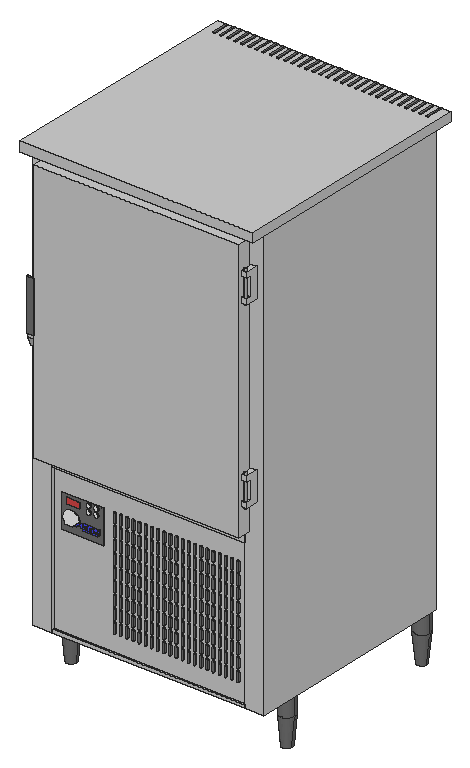
Revit family "QF_ACFRI_RS50-RL.190709092838", category Specialty Equipment, Revit 2016
Family settings
  Part Type = Normal
  Round Connector Dimension = Use Diameter
  OmniClass Number = 23.40.40.14
  OmniClass Title = Food Service Equipment
  Work Plane-Based = No
  Always vertical = Yes
  Cut with Voids When Loaded = No
  Shared = No
  Room Calculation Point = No
Parameters (values of type "RS50-RL_230V/1Ph/50Hz")
  URL catalogue = ""
  URL = "www.acfri.com"
  Type de Raccord Electrique [instance] = ""
  Type article [instance] = ""
  Tension = 230 V
  Status [instance] = ""
  Spécification technique = ""
  Spécification du Fabricant [instance] = ""
  Spécification de l'Utilisateur [instance] = ""
  SMACNA No spécifique pour les matériaux  Etats Unis = ""
  Quantité par lot [instance] = no
  Puissance électrique  = 1767 W
  Puissance en CV = ""
  Puissance Apparente = 1767 VA
  Protection de l'Appareil = 0 A
  Profondeur hors tout = 800 mm
  Poids net à vide = 160.00 kg
  Phase = 1
  Numéro de Série = ""
  Nombres de Pôles = 2
  Nombre d'identification NAFEM = ""
  Model = "RS50-RL"
  Manufacturer = "ACFRI"
  Longueur hors tout = 755 mm
  Intensité nominale courant electrique = 10 A
  Installé Par [instance] = ""
  Identifiant Equipement [instance] = no
  Hauteur hors tout = 1575 mm
  Hauteur de Raccordement du Sol Finis [instance] = 50 mm
  Hauteur de Raccordement du Sol Brut [instance] = 0 mm
  Fréquence = 50 Hz
  Fournis Par [instance] = ""
  Description = "CELLULE SÉRIE SMALL À GRILLE REFROIDISSEMENT/ SURGÉLATION RAPIDE"
  Câble de connexion à l'appareil inclus = no
  Cost = 0
  Consommation d'énergie minimale = 0 A
  Connexion prise électrique  = ""
  Code de Révision [instance] = ""
  Classification dans le projet = ""
  Classement sismique = ""
  Accessoires = no
Reference planes
  plane 1 "Centre (avant/arrière)": y = 0
  plane 2: z = 0
  plane 3 "Centre (gauche/droite)": x = 0
Forms (mm)
  Extrusion 1, solid, not visible
    sketch origin (49, -2, 199) x (1, 0, 0) y (0, 1, 0)
      loop
        line (0, 0) -> (2, 0) -> (2, 2) -> (0, 2) -> (0, 0)
    from 0 to 2
Dimensions and locks
  aligned and locked: level to plane 2
Nested families
  nested 1: "QF_ACFRI_RS50-RL_230V_1Ph_50Hz" at (0, 0, 150), type "RS50-RL_230V/1Ph/50Hz"
    with Show Logo yes, Show Clearance yes
  nested 2: "QF_ACFRI_RS50_DOOR_RX" at (0, 0, 150), type "RS50_DOOR_RX"
    with Show Logo yes, Show Clearance yes
  nested 3: "QF_ACFRI_RS12_15_20_LEGS" at (0, 0, 0), type "RS12_15_20_LEGS"
    with Show Logo yes, Show Clearance yes
  nested 4: "QF_ACFRI_RS25_30_40-CP" at (0, 0, 150), type "RS25_30_40-CP"
    with Show Logo yes, Show Clearance yes
Connectors
  electrical at (50, 0, 200), driven by "Puissance Apparente", driven by "Nombres de Pôles", driven by "Tension"
    settings: on Extrusion 1, index 1, voltage 230 V, apparent load 0 VA, apparent load phase1 1767 VA, apparent load phase2 0 VA, apparent load phase3 0 VA, power factor 1, load classification "Other", number of poles 2, system type 31, power factor state 1, is connector primary yes, connector utility no, sub classification motor no, connector description "Electric connection for 'RS50-RL'"
Definition of nested family "QF_ACFRI_RS50-RL_230V_1Ph_50Hz"
  Parameters (values of type "RS50-RL_230V/1Ph/50Hz")
    URL = "www.acfri.com"
    Show Logo [instance] = yes
    Show Clearance [instance] = yes
    Model = "RS50-RL"
    Manufacturer = "ACFRI"
    Description = "10 TO 19 LEVELS - REACH SPECIFICATION BLAST CHILLING, DEEP FREEZING CELLS"
    Assembly Code = "E1090320"
  Reference planes
    plane 1 "Back": y = 0
    plane 2: z = 0
    plane 3 "Left": x = 0
    plane 4 "Right": x = 755
    plane 5 "Front": y = -800
    plane 6 "Top": z = 1424.917
  Forms (mm)
    Extrusion 1, solid
      sketch origin (0, 0, -150) x (0, 1, 0) y (0, 0, 1)
        loop
          line (-56.57, 1543.957) -> (-752.05, 1543.957) -> (-752.05, 150) -> (-56.57, 150) -> (-56.57, 1543.957)
      from 3.267 to 65.187
    Extrusion 2, solid
      sketch origin (0, 0, 459.917) x (0, 1, 0) y (0, 0, 1)
        loop
          line (0, 965) -> (-800, 965) -> (-800, 934.04) -> (0, 934.04) -> (0, 965)
      from 0 to 755
    Extrusion 3, solid
      sketch origin (0, 0, 1423.917) x (1, 0, 0) y (0, 1, 0)
        loop
          line (28.646, -1.681) -> (28.646, -56.57) -> (35.372, -56.57) -> (35.372, -1.681) -> (28.646, -1.681)
        loop
          line (51.706, -1.681) -> (51.706, -56.57) -> (58.431, -56.57) -> (58.431, -1.681) -> (51.706, -1.681)
        loop
          line (74.765, -1.681) -> (74.765, -56.57) -> (81.491, -56.57) -> (81.491, -1.681) -> (74.765, -1.681)
        loop
          line (97.825, -1.681) -> (97.825, -56.57) -> (104.551, -56.57) -> (104.551, -1.681) -> (97.825, -1.681)
        loop
          line (120.885, -1.681) -> (120.885, -56.57) -> (127.611, -56.57) -> (127.611, -1.681) -> (120.885, -1.681)
        loop
          line (143.945, -1.681) -> (143.945, -56.57) -> (150.671, -56.57) -> (150.671, -1.681) -> (143.945, -1.681)
        loop
          line (167.005, -1.681) -> (167.005, -56.57) -> (173.731, -56.57) -> (173.731, -1.681) -> (167.005, -1.681)
        loop
          line (190.065, -1.681) -> (190.065, -56.57) -> (196.79, -56.57) -> (196.79, -1.681) -> (190.065, -1.681)
        loop
          line (213.124, -1.681) -> (213.124, -56.57) -> (219.85, -56.57) -> (219.85, -1.681) -> (213.124, -1.681)
        loop
          line (236.184, -1.681) -> (236.184, -56.57) -> (242.91, -56.57) -> (242.91, -1.681) -> (236.184, -1.681)
        loop
          line (259.244, -1.681) -> (259.244, -56.57) -> (265.97, -56.57) -> (265.97, -1.681) -> (259.244, -1.681)
        loop
          line (282.304, -1.681) -> (282.304, -56.57) -> (289.03, -56.57) -> (289.03, -1.681) -> (282.304, -1.681)
        loop
          line (305.364, -1.681) -> (305.364, -56.57) -> (312.09, -56.57) -> (312.09, -1.681) -> (305.364, -1.681)
        loop
          line (328.424, -1.681) -> (328.424, -56.57) -> (335.149, -56.57) -> (335.149, -1.681) -> (328.424, -1.681)
        loop
          line (351.483, -1.681) -> (351.483, -56.57) -> (358.209, -56.57) -> (358.209, -1.681) -> (351.483, -1.681)
        loop
          line (374.543, -1.681) -> (374.543, -56.57) -> (381.269, -56.57) -> (381.269, -1.681) -> (374.543, -1.681)
        loop
          line (397.603, -1.681) -> (397.603, -56.57) -> (404.329, -56.57) -> (404.329, -1.681) -> (397.603, -1.681)
        loop
          line (420.663, -1.681) -> (420.663, -56.57) -> (427.389, -56.57) -> (427.389, -1.681) -> (420.663, -1.681)
        loop
          line (443.723, -1.681) -> (443.723, -56.57) -> (450.448, -56.57) -> (450.448, -1.681) -> (443.723, -1.681)
        loop
          line (466.783, -1.681) -> (466.783, -56.57) -> (473.508, -56.57) -> (473.508, -1.681) -> (466.783, -1.681)
        loop
          line (489.842, -1.681) -> (489.842, -56.57) -> (496.568, -56.57) -> (496.568, -1.681) -> (489.842, -1.681)
        loop
          line (512.902, -1.681) -> (512.902, -56.57) -> (519.628, -56.57) -> (519.628, -1.681) -> (512.902, -1.681)
        loop
          line (535.962, -1.681) -> (535.962, -56.57) -> (542.688, -56.57) -> (542.688, -1.681) -> (535.962, -1.681)
        loop
          line (559.022, -1.681) -> (559.022, -56.57) -> (565.748, -56.57) -> (565.748, -1.681) -> (559.022, -1.681)
        loop
          line (582.082, -1.681) -> (582.082, -56.57) -> (588.807, -56.57) -> (588.807, -1.681) -> (582.082, -1.681)
        loop
          line (605.141, -1.681) -> (605.141, -56.57) -> (611.867, -56.57) -> (611.867, -1.681) -> (605.141, -1.681)
        loop
          line (628.201, -1.681) -> (628.201, -56.57) -> (634.927, -56.57) -> (634.927, -1.681) -> (628.201, -1.681)
        loop
          line (651.261, -1.681) -> (651.261, -56.57) -> (657.987, -56.57) -> (657.987, -1.681) -> (651.261, -1.681)
        loop
          line (674.321, -1.681) -> (674.321, -56.57) -> (681.047, -56.57) -> (681.047, -1.681) -> (674.321, -1.681)
        loop
          line (697.381, -1.681) -> (697.381, -56.57) -> (704.107, -56.57) -> (704.107, -1.681) -> (697.381, -1.681)
        loop
          line (720.441, -1.681) -> (720.441, -56.57) -> (727.166, -56.57) -> (727.166, -1.681) -> (720.441, -1.681)
      from 0 to 2
    Extrusion 4, solid
      sketch origin (0, -100.05, -150) x (1, 0, 0) y (0, 0, 1)
        loop
          line (44.706, 1517.822) -> (44.706, 672.113) -> (701.163, 672.113) -> (701.163, 1517.822) -> (44.706, 1517.822)
        loop
          line (65.187, 1497.517) -> (65.187, 692.419) -> (680.711, 692.419) -> (680.711, 1497.517) -> (65.187, 1497.517)
      from 652 to 662.15
    Extrusion 5, solid
      sketch origin (0, -746.05, -119.991) x (1, 0, 0) y (0, 0, 1)
        loop
          line (261.229, 454.546) -> (261.229, 427.546)
          arc (261.229, 427.546) -> (264.729, 424.046) -> (268.229, 427.546) r 3.5
          line (268.229, 427.546) -> (268.229, 454.546)
          arc (268.229, 454.546) -> (264.729, 458.046) -> (261.229, 454.546) r 3.5
        loop
          line (281.229, 454.546) -> (281.229, 427.546)
          arc (281.229, 427.546) -> (284.729, 424.046) -> (288.229, 427.546) r 3.5
          line (288.229, 427.546) -> (288.229, 454.546)
          arc (288.229, 454.546) -> (284.729, 458.046) -> (281.229, 454.546) r 3.5
        loop
          line (301.229, 454.546) -> (301.229, 427.546)
          arc (301.229, 427.546) -> (304.729, 424.046) -> (308.229, 427.546) r 3.5
          line (308.229, 427.546) -> (308.229, 454.546)
          arc (308.229, 454.546) -> (304.729, 458.046) -> (301.229, 454.546) r 3.5
        loop
          line (321.229, 454.546) -> (321.229, 427.546)
          arc (321.229, 427.546) -> (324.729, 424.046) -> (328.229, 427.546) r 3.5
          line (328.229, 427.546) -> (328.229, 454.546)
          arc (328.229, 454.546) -> (324.729, 458.046) -> (321.229, 454.546) r 3.5
        loop
          line (341.229, 454.546) -> (341.229, 427.546)
          arc (341.229, 427.546) -> (344.729, 424.046) -> (348.229, 427.546) r 3.5
          line (348.229, 427.546) -> (348.229, 454.546)
          arc (348.229, 454.546) -> (344.729, 458.046) -> (341.229, 454.546) r 3.5
        loop
          line (361.229, 454.546) -> (361.229, 427.546)
          arc (361.229, 427.546) -> (364.729, 424.046) -> (368.229, 427.546) r 3.5
          line (368.229, 427.546) -> (368.229, 454.546)
          arc (368.229, 454.546) -> (364.729, 458.046) -> (361.229, 454.546) r 3.5
        loop
          line (381.229, 454.546) -> (381.229, 427.546)
          arc (381.229, 427.546) -> (384.729, 424.046) -> (388.229, 427.546) r 3.5
          line (388.229, 427.546) -> (388.229, 454.546)
          arc (388.229, 454.546) -> (384.729, 458.046) -> (381.229, 454.546) r 3.5
        loop
          line (401.229, 454.546) -> (401.229, 427.546)
          arc (401.229, 427.546) -> (404.729, 424.046) -> (408.229, 427.546) r 3.5
          line (408.229, 427.546) -> (408.229, 454.546)
          arc (408.229, 454.546) -> (404.729, 458.046) -> (401.229, 454.546) r 3.5
        loop
          line (421.229, 454.546) -> (421.229, 427.546)
          arc (421.229, 427.546) -> (424.729, 424.046) -> (428.229, 427.546) r 3.5
          line (428.229, 427.546) -> (428.229, 454.546)
          arc (428.229, 454.546) -> (424.729, 458.046) -> (421.229, 454.546) r 3.5
        loop
          line (441.229, 454.546) -> (441.229, 427.546)
          arc (441.229, 427.546) -> (444.729, 424.046) -> (448.229, 427.546) r 3.5
          line (448.229, 427.546) -> (448.229, 454.546)
          arc (448.229, 454.546) -> (444.729, 458.046) -> (441.229, 454.546) r 3.5
        loop
          line (461.229, 454.546) -> (461.229, 427.546)
          arc (461.229, 427.546) -> (464.729, 424.046) -> (468.229, 427.546) r 3.5
          line (468.229, 427.546) -> (468.229, 454.546)
          arc (468.229, 454.546) -> (464.729, 458.046) -> (461.229, 454.546) r 3.5
        loop
          line (481.229, 454.546) -> (481.229, 427.546)
          arc (481.229, 427.546) -> (484.729, 424.046) -> (488.229, 427.546) r 3.5
          line (488.229, 427.546) -> (488.229, 454.546)
          arc (488.229, 454.546) -> (484.729, 458.046) -> (481.229, 454.546) r 3.5
        loop
          line (501.229, 454.546) -> (501.229, 427.546)
          arc (501.229, 427.546) -> (504.729, 424.046) -> (508.229, 427.546) r 3.5
          line (508.229, 427.546) -> (508.229, 454.546)
          arc (508.229, 454.546) -> (504.729, 458.046) -> (501.229, 454.546) r 3.5
        loop
          line (521.229, 454.546) -> (521.229, 427.546)
          arc (521.229, 427.546) -> (524.729, 424.046) -> (528.229, 427.546) r 3.5
          line (528.229, 427.546) -> (528.229, 454.546)
          arc (528.229, 454.546) -> (524.729, 458.046) -> (521.229, 454.546) r 3.5
        loop
          line (541.229, 454.546) -> (541.229, 427.546)
          arc (541.229, 427.546) -> (544.729, 424.046) -> (548.229, 427.546) r 3.5
          line (548.229, 427.546) -> (548.229, 454.546)
          arc (548.229, 454.546) -> (544.729, 458.046) -> (541.229, 454.546) r 3.5
        loop
          line (561.229, 454.546) -> (561.229, 427.546)
          arc (561.229, 427.546) -> (564.729, 424.046) -> (568.229, 427.546) r 3.5
          line (568.229, 427.546) -> (568.229, 454.546)
          arc (568.229, 454.546) -> (564.729, 458.046) -> (561.229, 454.546) r 3.5
        loop
          line (581.229, 454.546) -> (581.229, 427.546)
          arc (581.229, 427.546) -> (584.729, 424.046) -> (588.229, 427.546) r 3.5
          line (588.229, 427.546) -> (588.229, 454.546)
          arc (588.229, 454.546) -> (584.729, 458.046) -> (581.229, 454.546) r 3.5
        loop
          line (601.229, 454.546) -> (601.229, 427.546)
          arc (601.229, 427.546) -> (604.729, 424.046) -> (608.229, 427.546) r 3.5
          line (608.229, 427.546) -> (608.229, 454.546)
          arc (608.229, 454.546) -> (604.729, 458.046) -> (601.229, 454.546) r 3.5
        loop
          line (621.229, 454.546) -> (621.229, 427.546)
          arc (621.229, 427.546) -> (624.729, 424.046) -> (628.229, 427.546) r 3.5
          line (628.229, 427.546) -> (628.229, 454.546)
          arc (628.229, 454.546) -> (624.729, 458.046) -> (621.229, 454.546) r 3.5
        loop
          line (641.229, 454.546) -> (641.229, 427.546)
          arc (641.229, 427.546) -> (644.729, 424.046) -> (648.229, 427.546) r 3.5
          line (648.229, 427.546) -> (648.229, 454.546)
          arc (648.229, 454.546) -> (644.729, 458.046) -> (641.229, 454.546) r 3.5
        loop
          line (661.229, 454.546) -> (661.229, 427.546)
          arc (661.229, 427.546) -> (664.729, 424.046) -> (668.229, 427.546) r 3.5
          line (668.229, 427.546) -> (668.229, 454.546)
          arc (668.229, 454.546) -> (664.729, 458.046) -> (661.229, 454.546) r 3.5
        loop
          line (261.229, 414.546) -> (261.229, 387.546)
          arc (261.229, 387.546) -> (264.729, 384.046) -> (268.229, 387.546) r 3.5
          line (268.229, 387.546) -> (268.229, 414.546)
          arc (268.229, 414.546) -> (264.729, 418.046) -> (261.229, 414.546) r 3.5
        loop
          line (281.229, 414.546) -> (281.229, 387.546)
          arc (281.229, 387.546) -> (284.729, 384.046) -> (288.229, 387.546) r 3.5
          line (288.229, 387.546) -> (288.229, 414.546)
          arc (288.229, 414.546) -> (284.729, 418.046) -> (281.229, 414.546) r 3.5
        loop
          line (301.229, 414.546) -> (301.229, 387.546)
          arc (301.229, 387.546) -> (304.729, 384.046) -> (308.229, 387.546) r 3.5
          line (308.229, 387.546) -> (308.229, 414.546)
          arc (308.229, 414.546) -> (304.729, 418.046) -> (301.229, 414.546) r 3.5
        loop
          line (321.229, 414.546) -> (321.229, 387.546)
          arc (321.229, 387.546) -> (324.729, 384.046) -> (328.229, 387.546) r 3.5
          line (328.229, 387.546) -> (328.229, 414.546)
          arc (328.229, 414.546) -> (324.729, 418.046) -> (321.229, 414.546) r 3.5
        loop
          line (341.229, 414.546) -> (341.229, 387.546)
          arc (341.229, 387.546) -> (344.729, 384.046) -> (348.229, 387.546) r 3.5
          line (348.229, 387.546) -> (348.229, 414.546)
          arc (348.229, 414.546) -> (344.729, 418.046) -> (341.229, 414.546) r 3.5
        loop
          line (361.229, 414.546) -> (361.229, 387.546)
          arc (361.229, 387.546) -> (364.729, 384.046) -> (368.229, 387.546) r 3.5
          line (368.229, 387.546) -> (368.229, 414.546)
          arc (368.229, 414.546) -> (364.729, 418.046) -> (361.229, 414.546) r 3.5
        loop
          line (381.229, 414.546) -> (381.229, 387.546)
          arc (381.229, 387.546) -> (384.729, 384.046) -> (388.229, 387.546) r 3.5
          line (388.229, 387.546) -> (388.229, 414.546)
          arc (388.229, 414.546) -> (384.729, 418.046) -> (381.229, 414.546) r 3.5
        loop
          line (401.229, 414.546) -> (401.229, 387.546)
          arc (401.229, 387.546) -> (404.729, 384.046) -> (408.229, 387.546) r 3.5
          line (408.229, 387.546) -> (408.229, 414.546)
          arc (408.229, 414.546) -> (404.729, 418.046) -> (401.229, 414.546) r 3.5
        loop
          line (421.229, 414.546) -> (421.229, 387.546)
          arc (421.229, 387.546) -> (424.729, 384.046) -> (428.229, 387.546) r 3.5
          line (428.229, 387.546) -> (428.229, 414.546)
          arc (428.229, 414.546) -> (424.729, 418.046) -> (421.229, 414.546) r 3.5
        loop
          line (441.229, 414.546) -> (441.229, 387.546)
          arc (441.229, 387.546) -> (444.729, 384.046) -> (448.229, 387.546) r 3.5
          line (448.229, 387.546) -> (448.229, 414.546)
          arc (448.229, 414.546) -> (444.729, 418.046) -> (441.229, 414.546) r 3.5
        loop
          line (461.229, 414.546) -> (461.229, 387.546)
          arc (461.229, 387.546) -> (464.729, 384.046) -> (468.229, 387.546) r 3.5
          line (468.229, 387.546) -> (468.229, 414.546)
          arc (468.229, 414.546) -> (464.729, 418.046) -> (461.229, 414.546) r 3.5
        loop
          line (481.229, 414.546) -> (481.229, 387.546)
          arc (481.229, 387.546) -> (484.729, 384.046) -> (488.229, 387.546) r 3.5
          line (488.229, 387.546) -> (488.229, 414.546)
          arc (488.229, 414.546) -> (484.729, 418.046) -> (481.229, 414.546) r 3.5
        loop
          line (501.229, 414.546) -> (501.229, 387.546)
          arc (501.229, 387.546) -> (504.729, 384.046) -> (508.229, 387.546) r 3.5
          line (508.229, 387.546) -> (508.229, 414.546)
          arc (508.229, 414.546) -> (504.729, 418.046) -> (501.229, 414.546) r 3.5
        loop
          line (521.229, 414.546) -> (521.229, 387.546)
          arc (521.229, 387.546) -> (524.729, 384.046) -> (528.229, 387.546) r 3.5
          line (528.229, 387.546) -> (528.229, 414.546)
          arc (528.229, 414.546) -> (524.729, 418.046) -> (521.229, 414.546) r 3.5
        loop
          line (541.229, 414.546) -> (541.229, 387.546)
          arc (541.229, 387.546) -> (544.729, 384.046) -> (548.229, 387.546) r 3.5
          line (548.229, 387.546) -> (548.229, 414.546)
          arc (548.229, 414.546) -> (544.729, 418.046) -> (541.229, 414.546) r 3.5
        loop
          line (561.229, 414.546) -> (561.229, 387.546)
          arc (561.229, 387.546) -> (564.729, 384.046) -> (568.229, 387.546) r 3.5
          line (568.229, 387.546) -> (568.229, 414.546)
          arc (568.229, 414.546) -> (564.729, 418.046) -> (561.229, 414.546) r 3.5
        loop
          line (581.229, 414.546) -> (581.229, 387.546)
          arc (581.229, 387.546) -> (584.729, 384.046) -> (588.229, 387.546) r 3.5
          line (588.229, 387.546) -> (588.229, 414.546)
          arc (588.229, 414.546) -> (584.729, 418.046) -> (581.229, 414.546) r 3.5
        loop
          line (601.229, 414.546) -> (601.229, 387.546)
          arc (601.229, 387.546) -> (604.729, 384.046) -> (608.229, 387.546) r 3.5
          line (608.229, 387.546) -> (608.229, 414.546)
          arc (608.229, 414.546) -> (604.729, 418.046) -> (601.229, 414.546) r 3.5
        loop
          line (621.229, 414.546) -> (621.229, 387.546)
          arc (621.229, 387.546) -> (624.729, 384.046) -> (628.229, 387.546) r 3.5
          line (628.229, 387.546) -> (628.229, 414.546)
          arc (628.229, 414.546) -> (624.729, 418.046) -> (621.229, 414.546) r 3.5
        loop
          line (641.229, 414.546) -> (641.229, 387.546)
          arc (641.229, 387.546) -> (644.729, 384.046) -> (648.229, 387.546) r 3.5
          line (648.229, 387.546) -> (648.229, 414.546)
          arc (648.229, 414.546) -> (644.729, 418.046) -> (641.229, 414.546) r 3.5
        loop
          line (661.229, 414.546) -> (661.229, 387.546)
          arc (661.229, 387.546) -> (664.729, 384.046) -> (668.229, 387.546) r 3.5
          line (668.229, 387.546) -> (668.229, 414.546)
          arc (668.229, 414.546) -> (664.729, 418.046) -> (661.229, 414.546) r 3.5
        loop
          line (261.229, 374.546) -> (261.229, 347.546)
          arc (261.229, 347.546) -> (264.729, 344.046) -> (268.229, 347.546) r 3.5
          line (268.229, 347.546) -> (268.229, 374.546)
          arc (268.229, 374.546) -> (264.729, 378.046) -> (261.229, 374.546) r 3.5
        loop
          line (281.229, 374.546) -> (281.229, 347.546)
          arc (281.229, 347.546) -> (284.729, 344.046) -> (288.229, 347.546) r 3.5
          line (288.229, 347.546) -> (288.229, 374.546)
          arc (288.229, 374.546) -> (284.729, 378.046) -> (281.229, 374.546) r 3.5
        loop
          line (301.229, 374.546) -> (301.229, 347.546)
          arc (301.229, 347.546) -> (304.729, 344.046) -> (308.229, 347.546) r 3.5
          line (308.229, 347.546) -> (308.229, 374.546)
          arc (308.229, 374.546) -> (304.729, 378.046) -> (301.229, 374.546) r 3.5
        loop
          line (321.229, 374.546) -> (321.229, 347.546)
          arc (321.229, 347.546) -> (324.729, 344.046) -> (328.229, 347.546) r 3.5
          line (328.229, 347.546) -> (328.229, 374.546)
          arc (328.229, 374.546) -> (324.729, 378.046) -> (321.229, 374.546) r 3.5
        loop
          line (341.229, 374.546) -> (341.229, 347.546)
          arc (341.229, 347.546) -> (344.729, 344.046) -> (348.229, 347.546) r 3.5
          line (348.229, 347.546) -> (348.229, 374.546)
          arc (348.229, 374.546) -> (344.729, 378.046) -> (341.229, 374.546) r 3.5
        loop
          line (361.229, 374.546) -> (361.229, 347.546)
          arc (361.229, 347.546) -> (364.729, 344.046) -> (368.229, 347.546) r 3.5
          line (368.229, 347.546) -> (368.229, 374.546)
          arc (368.229, 374.546) -> (364.729, 378.046) -> (361.229, 374.546) r 3.5
        loop
          line (381.229, 374.546) -> (381.229, 347.546)
          arc (381.229, 347.546) -> (384.729, 344.046) -> (388.229, 347.546) r 3.5
          line (388.229, 347.546) -> (388.229, 374.546)
          arc (388.229, 374.546) -> (384.729, 378.046) -> (381.229, 374.546) r 3.5
        loop
          line (401.229, 374.546) -> (401.229, 347.546)
          arc (401.229, 347.546) -> (404.729, 344.046) -> (408.229, 347.546) r 3.5
          line (408.229, 347.546) -> (408.229, 374.546)
          arc (408.229, 374.546) -> (404.729, 378.046) -> (401.229, 374.546) r 3.5
        loop
          line (421.229, 374.546) -> (421.229, 347.546)
          arc (421.229, 347.546) -> (424.729, 344.046) -> (428.229, 347.546) r 3.5
          line (428.229, 347.546) -> (428.229, 374.546)
          arc (428.229, 374.546) -> (424.729, 378.046) -> (421.229, 374.546) r 3.5
        loop
          line (441.229, 374.546) -> (441.229, 347.546)
          arc (441.229, 347.546) -> (444.729, 344.046) -> (448.229, 347.546) r 3.5
          line (448.229, 347.546) -> (448.229, 374.546)
          arc (448.229, 374.546) -> (444.729, 378.046) -> (441.229, 374.546) r 3.5
        loop
          line (461.229, 374.546) -> (461.229, 347.546)
          arc (461.229, 347.546) -> (464.729, 344.046) -> (468.229, 347.546) r 3.5
          line (468.229, 347.546) -> (468.229, 374.546)
          arc (468.229, 374.546) -> (464.729, 378.046) -> (461.229, 374.546) r 3.5
        loop
          line (481.229, 374.546) -> (481.229, 347.546)
          arc (481.229, 347.546) -> (484.729, 344.046) -> (488.229, 347.546) r 3.5
          line (488.229, 347.546) -> (488.229, 374.546)
          arc (488.229, 374.546) -> (484.729, 378.046) -> (481.229, 374.546) r 3.5
        loop
          line (501.229, 374.546) -> (501.229, 347.546)
          arc (501.229, 347.546) -> (504.729, 344.046) -> (508.229, 347.546) r 3.5
          line (508.229, 347.546) -> (508.229, 374.546)
          arc (508.229, 374.546) -> (504.729, 378.046) -> (501.229, 374.546) r 3.5
        loop
          line (521.229, 374.546) -> (521.229, 347.546)
          arc (521.229, 347.546) -> (524.729, 344.046) -> (528.229, 347.546) r 3.5
          line (528.229, 347.546) -> (528.229, 374.546)
          arc (528.229, 374.546) -> (524.729, 378.046) -> (521.229, 374.546) r 3.5
        loop
          line (541.229, 374.546) -> (541.229, 347.546)
          arc (541.229, 347.546) -> (544.729, 344.046) -> (548.229, 347.546) r 3.5
          line (548.229, 347.546) -> (548.229, 374.546)
          arc (548.229, 374.546) -> (544.729, 378.046) -> (541.229, 374.546) r 3.5
        loop
          line (561.229, 374.546) -> (561.229, 347.546)
          arc (561.229, 347.546) -> (564.729, 344.046) -> (568.229, 347.546) r 3.5
          line (568.229, 347.546) -> (568.229, 374.546)
          arc (568.229, 374.546) -> (564.729, 378.046) -> (561.229, 374.546) r 3.5
        loop
          line (581.229, 374.546) -> (581.229, 347.546)
          arc (581.229, 347.546) -> (584.729, 344.046) -> (588.229, 347.546) r 3.5
          line (588.229, 347.546) -> (588.229, 374.546)
          arc (588.229, 374.546) -> (584.729, 378.046) -> (581.229, 374.546) r 3.5
        loop
          line (601.229, 374.546) -> (601.229, 347.546)
          arc (601.229, 347.546) -> (604.729, 344.046) -> (608.229, 347.546) r 3.5
          line (608.229, 347.546) -> (608.229, 374.546)
          arc (608.229, 374.546) -> (604.729, 378.046) -> (601.229, 374.546) r 3.5
        loop
          line (621.229, 374.546) -> (621.229, 347.546)
          arc (621.229, 347.546) -> (624.729, 344.046) -> (628.229, 347.546) r 3.5
          line (628.229, 347.546) -> (628.229, 374.546)
          arc (628.229, 374.546) -> (624.729, 378.046) -> (621.229, 374.546) r 3.5
        loop
          line (641.229, 374.546) -> (641.229, 347.546)
          arc (641.229, 347.546) -> (644.729, 344.046) -> (648.229, 347.546) r 3.5
          line (648.229, 347.546) -> (648.229, 374.546)
          arc (648.229, 374.546) -> (644.729, 378.046) -> (641.229, 374.546) r 3.5
        loop
          line (661.229, 374.546) -> (661.229, 347.546)
          arc (661.229, 347.546) -> (664.729, 344.046) -> (668.229, 347.546) r 3.5
          line (668.229, 347.546) -> (668.229, 374.546)
          arc (668.229, 374.546) -> (664.729, 378.046) -> (661.229, 374.546) r 3.5
        loop
          line (261.229, 334.546) -> (261.229, 307.546)
          arc (261.229, 307.546) -> (264.729, 304.046) -> (268.229, 307.546) r 3.5
          line (268.229, 307.546) -> (268.229, 334.546)
          arc (268.229, 334.546) -> (264.729, 338.046) -> (261.229, 334.546) r 3.5
        loop
          line (281.229, 334.546) -> (281.229, 307.546)
          arc (281.229, 307.546) -> (284.729, 304.046) -> (288.229, 307.546) r 3.5
          line (288.229, 307.546) -> (288.229, 334.546)
          arc (288.229, 334.546) -> (284.729, 338.046) -> (281.229, 334.546) r 3.5
        loop
          line (301.229, 334.546) -> (301.229, 307.546)
          arc (301.229, 307.546) -> (304.729, 304.046) -> (308.229, 307.546) r 3.5
          line (308.229, 307.546) -> (308.229, 334.546)
          arc (308.229, 334.546) -> (304.729, 338.046) -> (301.229, 334.546) r 3.5
        loop
          line (321.229, 334.546) -> (321.229, 307.546)
          arc (321.229, 307.546) -> (324.729, 304.046) -> (328.229, 307.546) r 3.5
          line (328.229, 307.546) -> (328.229, 334.546)
          arc (328.229, 334.546) -> (324.729, 338.046) -> (321.229, 334.546) r 3.5
        loop
          line (341.229, 334.546) -> (341.229, 307.546)
          arc (341.229, 307.546) -> (344.729, 304.046) -> (348.229, 307.546) r 3.5
          line (348.229, 307.546) -> (348.229, 334.546)
          arc (348.229, 334.546) -> (344.729, 338.046) -> (341.229, 334.546) r 3.5
        loop
          line (361.229, 334.546) -> (361.229, 307.546)
          arc (361.229, 307.546) -> (364.729, 304.046) -> (368.229, 307.546) r 3.5
          line (368.229, 307.546) -> (368.229, 334.546)
          arc (368.229, 334.546) -> (364.729, 338.046) -> (361.229, 334.546) r 3.5
        loop
          line (381.229, 334.546) -> (381.229, 307.546)
          arc (381.229, 307.546) -> (384.729, 304.046) -> (388.229, 307.546) r 3.5
          line (388.229, 307.546) -> (388.229, 334.546)
          arc (388.229, 334.546) -> (384.729, 338.046) -> (381.229, 334.546) r 3.5
        loop
          line (401.229, 334.546) -> (401.229, 307.546)
          arc (401.229, 307.546) -> (404.729, 304.046) -> (408.229, 307.546) r 3.5
          line (408.229, 307.546) -> (408.229, 334.546)
          arc (408.229, 334.546) -> (404.729, 338.046) -> (401.229, 334.546) r 3.5
        loop
          line (421.229, 334.546) -> (421.229, 307.546)
          arc (421.229, 307.546) -> (424.729, 304.046) -> (428.229, 307.546) r 3.5
          line (428.229, 307.546) -> (428.229, 334.546)
          arc (428.229, 334.546) -> (424.729, 338.046) -> (421.229, 334.546) r 3.5
        loop
          line (441.229, 334.546) -> (441.229, 307.546)
          arc (441.229, 307.546) -> (444.729, 304.046) -> (448.229, 307.546) r 3.5
          line (448.229, 307.546) -> (448.229, 334.546)
          arc (448.229, 334.546) -> (444.729, 338.046) -> (441.229, 334.546) r 3.5
        loop
          line (461.229, 334.546) -> (461.229, 307.546)
          arc (461.229, 307.546) -> (464.729, 304.046) -> (468.229, 307.546) r 3.5
          line (468.229, 307.546) -> (468.229, 334.546)
          arc (468.229, 334.546) -> (464.729, 338.046) -> (461.229, 334.546) r 3.5
        loop
          line (481.229, 334.546) -> (481.229, 307.546)
          arc (481.229, 307.546) -> (484.729, 304.046) -> (488.229, 307.546) r 3.5
          line (488.229, 307.546) -> (488.229, 334.546)
          arc (488.229, 334.546) -> (484.729, 338.046) -> (481.229, 334.546) r 3.5
        loop
          line (501.229, 334.546) -> (501.229, 307.546)
          arc (501.229, 307.546) -> (504.729, 304.046) -> (508.229, 307.546) r 3.5
          line (508.229, 307.546) -> (508.229, 334.546)
          arc (508.229, 334.546) -> (504.729, 338.046) -> (501.229, 334.546) r 3.5
        loop
          line (521.229, 334.546) -> (521.229, 307.546)
          arc (521.229, 307.546) -> (524.729, 304.046) -> (528.229, 307.546) r 3.5
          line (528.229, 307.546) -> (528.229, 334.546)
          arc (528.229, 334.546) -> (524.729, 338.046) -> (521.229, 334.546) r 3.5
        loop
          line (541.229, 334.546) -> (541.229, 307.546)
          arc (541.229, 307.546) -> (544.729, 304.046) -> (548.229, 307.546) r 3.5
          line (548.229, 307.546) -> (548.229, 334.546)
          arc (548.229, 334.546) -> (544.729, 338.046) -> (541.229, 334.546) r 3.5
        loop
          line (561.229, 334.546) -> (561.229, 307.546)
          arc (561.229, 307.546) -> (564.729, 304.046) -> (568.229, 307.546) r 3.5
          line (568.229, 307.546) -> (568.229, 334.546)
          arc (568.229, 334.546) -> (564.729, 338.046) -> (561.229, 334.546) r 3.5
        loop
          line (581.229, 334.546) -> (581.229, 307.546)
          arc (581.229, 307.546) -> (584.729, 304.046) -> (588.229, 307.546) r 3.5
          line (588.229, 307.546) -> (588.229, 334.546)
          arc (588.229, 334.546) -> (584.729, 338.046) -> (581.229, 334.546) r 3.5
        loop
          line (601.229, 334.546) -> (601.229, 307.546)
          arc (601.229, 307.546) -> (604.729, 304.046) -> (608.229, 307.546) r 3.5
          line (608.229, 307.546) -> (608.229, 334.546)
          arc (608.229, 334.546) -> (604.729, 338.046) -> (601.229, 334.546) r 3.5
        loop
          line (621.229, 334.546) -> (621.229, 307.546)
          arc (621.229, 307.546) -> (624.729, 304.046) -> (628.229, 307.546) r 3.5
          line (628.229, 307.546) -> (628.229, 334.546)
          arc (628.229, 334.546) -> (624.729, 338.046) -> (621.229, 334.546) r 3.5
        loop
          line (641.229, 334.546) -> (641.229, 307.546)
          arc (641.229, 307.546) -> (644.729, 304.046) -> (648.229, 307.546) r 3.5
          line (648.229, 307.546) -> (648.229, 334.546)
          arc (648.229, 334.546) -> (644.729, 338.046) -> (641.229, 334.546) r 3.5
        loop
          line (661.229, 334.546) -> (661.229, 307.546)
          arc (661.229, 307.546) -> (664.729, 304.046) -> (668.229, 307.546) r 3.5
          line (668.229, 307.546) -> (668.229, 334.546)
          arc (668.229, 334.546) -> (664.729, 338.046) -> (661.229, 334.546) r 3.5
        loop
          line (261.229, 294.546) -> (261.229, 267.546)
          arc (261.229, 267.546) -> (264.729, 264.046) -> (268.229, 267.546) r 3.5
          line (268.229, 267.546) -> (268.229, 294.546)
          arc (268.229, 294.546) -> (264.729, 298.046) -> (261.229, 294.546) r 3.5
        loop
          line (281.229, 294.546) -> (281.229, 267.546)
          arc (281.229, 267.546) -> (284.729, 264.046) -> (288.229, 267.546) r 3.5
          line (288.229, 267.546) -> (288.229, 294.546)
          arc (288.229, 294.546) -> (284.729, 298.046) -> (281.229, 294.546) r 3.5
        loop
          line (301.229, 294.546) -> (301.229, 267.546)
          arc (301.229, 267.546) -> (304.729, 264.046) -> (308.229, 267.546) r 3.5
          line (308.229, 267.546) -> (308.229, 294.546)
          arc (308.229, 294.546) -> (304.729, 298.046) -> (301.229, 294.546) r 3.5
        loop
          line (321.229, 294.546) -> (321.229, 267.546)
          arc (321.229, 267.546) -> (324.729, 264.046) -> (328.229, 267.546) r 3.5
          line (328.229, 267.546) -> (328.229, 294.546)
          arc (328.229, 294.546) -> (324.729, 298.046) -> (321.229, 294.546) r 3.5
        loop
          line (341.229, 294.546) -> (341.229, 267.546)
          arc (341.229, 267.546) -> (344.729, 264.046) -> (348.229, 267.546) r 3.5
          line (348.229, 267.546) -> (348.229, 294.546)
          arc (348.229, 294.546) -> (344.729, 298.046) -> (341.229, 294.546) r 3.5
        loop
          line (361.229, 294.546) -> (361.229, 267.546)
          arc (361.229, 267.546) -> (364.729, 264.046) -> (368.229, 267.546) r 3.5
          line (368.229, 267.546) -> (368.229, 294.546)
          arc (368.229, 294.546) -> (364.729, 298.046) -> (361.229, 294.546) r 3.5
        loop
          line (381.229, 294.546) -> (381.229, 267.546)
          arc (381.229, 267.546) -> (384.729, 264.046) -> (388.229, 267.546) r 3.5
          line (388.229, 267.546) -> (388.229, 294.546)
          arc (388.229, 294.546) -> (384.729, 298.046) -> (381.229, 294.546) r 3.5
        loop
          line (401.229, 294.546) -> (401.229, 267.546)
          arc (401.229, 267.546) -> (404.729, 264.046) -> (408.229, 267.546) r 3.5
          line (408.229, 267.546) -> (408.229, 294.546)
          arc (408.229, 294.546) -> (404.729, 298.046) -> (401.229, 294.546) r 3.5
        loop
          line (421.229, 294.546) -> (421.229, 267.546)
          arc (421.229, 267.546) -> (424.729, 264.046) -> (428.229, 267.546) r 3.5
          line (428.229, 267.546) -> (428.229, 294.546)
          arc (428.229, 294.546) -> (424.729, 298.046) -> (421.229, 294.546) r 3.5
        loop
          line (441.229, 294.546) -> (441.229, 267.546)
          arc (441.229, 267.546) -> (444.729, 264.046) -> (448.229, 267.546) r 3.5
          line (448.229, 267.546) -> (448.229, 294.546)
          arc (448.229, 294.546) -> (444.729, 298.046) -> (441.229, 294.546) r 3.5
        loop
          line (461.229, 294.546) -> (461.229, 267.546)
          arc (461.229, 267.546) -> (464.729, 264.046) -> (468.229, 267.546) r 3.5
          line (468.229, 267.546) -> (468.229, 294.546)
          arc (468.229, 294.546) -> (464.729, 298.046) -> (461.229, 294.546) r 3.5
        loop
          line (481.229, 294.546) -> (481.229, 267.546)
          arc (481.229, 267.546) -> (484.729, 264.046) -> (488.229, 267.546) r 3.5
          line (488.229, 267.546) -> (488.229, 294.546)
          arc (488.229, 294.546) -> (484.729, 298.046) -> (481.229, 294.546) r 3.5
        loop
          line (501.229, 294.546) -> (501.229, 267.546)
          arc (501.229, 267.546) -> (504.729, 264.046) -> (508.229, 267.546) r 3.5
          line (508.229, 267.546) -> (508.229, 294.546)
          arc (508.229, 294.546) -> (504.729, 298.046) -> (501.229, 294.546) r 3.5
        loop
          line (521.229, 294.546) -> (521.229, 267.546)
          arc (521.229, 267.546) -> (524.729, 264.046) -> (528.229, 267.546) r 3.5
          line (528.229, 267.546) -> (528.229, 294.546)
          arc (528.229, 294.546) -> (524.729, 298.046) -> (521.229, 294.546) r 3.5
        loop
          line (541.229, 294.546) -> (541.229, 267.546)
          arc (541.229, 267.546) -> (544.729, 264.046) -> (548.229, 267.546) r 3.5
          line (548.229, 267.546) -> (548.229, 294.546)
          arc (548.229, 294.546) -> (544.729, 298.046) -> (541.229, 294.546) r 3.5
        loop
          line (561.229, 294.546) -> (561.229, 267.546)
          arc (561.229, 267.546) -> (564.729, 264.046) -> (568.229, 267.546) r 3.5
          line (568.229, 267.546) -> (568.229, 294.546)
          arc (568.229, 294.546) -> (564.729, 298.046) -> (561.229, 294.546) r 3.5
        loop
          line (581.229, 294.546) -> (581.229, 267.546)
          arc (581.229, 267.546) -> (584.729, 264.046) -> (588.229, 267.546) r 3.5
          line (588.229, 267.546) -> (588.229, 294.546)
          arc (588.229, 294.546) -> (584.729, 298.046) -> (581.229, 294.546) r 3.5
        loop
          line (601.229, 294.546) -> (601.229, 267.546)
          arc (601.229, 267.546) -> (604.729, 264.046) -> (608.229, 267.546) r 3.5
          line (608.229, 267.546) -> (608.229, 294.546)
          arc (608.229, 294.546) -> (604.729, 298.046) -> (601.229, 294.546) r 3.5
        loop
          line (621.229, 294.546) -> (621.229, 267.546)
          arc (621.229, 267.546) -> (624.729, 264.046) -> (628.229, 267.546) r 3.5
          line (628.229, 267.546) -> (628.229, 294.546)
          arc (628.229, 294.546) -> (624.729, 298.046) -> (621.229, 294.546) r 3.5
        loop
          line (641.229, 294.546) -> (641.229, 267.546)
          arc (641.229, 267.546) -> (644.729, 264.046) -> (648.229, 267.546) r 3.5
          line (648.229, 267.546) -> (648.229, 294.546)
          arc (648.229, 294.546) -> (644.729, 298.046) -> (641.229, 294.546) r 3.5
        loop
          line (661.229, 294.546) -> (661.229, 267.546)
          arc (661.229, 267.546) -> (664.729, 264.046) -> (668.229, 267.546) r 3.5
          line (668.229, 267.546) -> (668.229, 294.546)
          arc (668.229, 294.546) -> (664.729, 298.046) -> (661.229, 294.546) r 3.5
        loop
          line (261.229, 254.546) -> (261.229, 227.546)
          arc (261.229, 227.546) -> (264.729, 224.046) -> (268.229, 227.546) r 3.5
          line (268.229, 227.546) -> (268.229, 254.546)
          arc (268.229, 254.546) -> (264.729, 258.046) -> (261.229, 254.546) r 3.5
        loop
          line (281.229, 254.546) -> (281.229, 227.546)
          arc (281.229, 227.546) -> (284.729, 224.046) -> (288.229, 227.546) r 3.5
          line (288.229, 227.546) -> (288.229, 254.546)
          arc (288.229, 254.546) -> (284.729, 258.046) -> (281.229, 254.546) r 3.5
        loop
          line (301.229, 254.546) -> (301.229, 227.546)
          arc (301.229, 227.546) -> (304.729, 224.046) -> (308.229, 227.546) r 3.5
          line (308.229, 227.546) -> (308.229, 254.546)
          arc (308.229, 254.546) -> (304.729, 258.046) -> (301.229, 254.546) r 3.5
        loop
          line (321.229, 254.546) -> (321.229, 227.546)
          arc (321.229, 227.546) -> (324.729, 224.046) -> (328.229, 227.546) r 3.5
          line (328.229, 227.546) -> (328.229, 254.546)
          arc (328.229, 254.546) -> (324.729, 258.046) -> (321.229, 254.546) r 3.5
        loop
          line (341.229, 254.546) -> (341.229, 227.546)
          arc (341.229, 227.546) -> (344.729, 224.046) -> (348.229, 227.546) r 3.5
          line (348.229, 227.546) -> (348.229, 254.546)
          arc (348.229, 254.546) -> (344.729, 258.046) -> (341.229, 254.546) r 3.5
        loop
          line (361.229, 254.546) -> (361.229, 227.546)
          arc (361.229, 227.546) -> (364.729, 224.046) -> (368.229, 227.546) r 3.5
          line (368.229, 227.546) -> (368.229, 254.546)
          arc (368.229, 254.546) -> (364.729, 258.046) -> (361.229, 254.546) r 3.5
        loop
          line (381.229, 254.546) -> (381.229, 227.546)
          arc (381.229, 227.546) -> (384.729, 224.046) -> (388.229, 227.546) r 3.5
          line (388.229, 227.546) -> (388.229, 254.546)
          arc (388.229, 254.546) -> (384.729, 258.046) -> (381.229, 254.546) r 3.5
        loop
          line (401.229, 254.546) -> (401.229, 227.546)
          arc (401.229, 227.546) -> (404.729, 224.046) -> (408.229, 227.546) r 3.5
          line (408.229, 227.546) -> (408.229, 254.546)
          arc (408.229, 254.546) -> (404.729, 258.046) -> (401.229, 254.546) r 3.5
        loop
          line (421.229, 254.546) -> (421.229, 227.546)
          arc (421.229, 227.546) -> (424.729, 224.046) -> (428.229, 227.546) r 3.5
          line (428.229, 227.546) -> (428.229, 254.546)
          arc (428.229, 254.546) -> (424.729, 258.046) -> (421.229, 254.546) r 3.5
        loop
          line (441.229, 254.546) -> (441.229, 227.546)
          arc (441.229, 227.546) -> (444.729, 224.046) -> (448.229, 227.546) r 3.5
          line (448.229, 227.546) -> (448.229, 254.546)
          arc (448.229, 254.546) -> (444.729, 258.046) -> (441.229, 254.546) r 3.5
        loop
          line (461.229, 254.546) -> (461.229, 227.546)
          arc (461.229, 227.546) -> (464.729, 224.046) -> (468.229, 227.546) r 3.5
          line (468.229, 227.546) -> (468.229, 254.546)
          arc (468.229, 254.546) -> (464.729, 258.046) -> (461.229, 254.546) r 3.5
        loop
          line (481.229, 254.546) -> (481.229, 227.546)
          arc (481.229, 227.546) -> (484.729, 224.046) -> (488.229, 227.546) r 3.5
          line (488.229, 227.546) -> (488.229, 254.546)
          arc (488.229, 254.546) -> (484.729, 258.046) -> (481.229, 254.546) r 3.5
        loop
          line (501.229, 254.546) -> (501.229, 227.546)
          arc (501.229, 227.546) -> (504.729, 224.046) -> (508.229, 227.546) r 3.5
          line (508.229, 227.546) -> (508.229, 254.546)
          arc (508.229, 254.546) -> (504.729, 258.046) -> (501.229, 254.546) r 3.5
        loop
          line (521.229, 254.546) -> (521.229, 227.546)
          arc (521.229, 227.546) -> (524.729, 224.046) -> (528.229, 227.546) r 3.5
          line (528.229, 227.546) -> (528.229, 254.546)
          arc (528.229, 254.546) -> (524.729, 258.046) -> (521.229, 254.546) r 3.5
        loop
          line (541.229, 254.546) -> (541.229, 227.546)
          arc (541.229, 227.546) -> (544.729, 224.046) -> (548.229, 227.546) r 3.5
          line (548.229, 227.546) -> (548.229, 254.546)
          arc (548.229, 254.546) -> (544.729, 258.046) -> (541.229, 254.546) r 3.5
        loop
          line (561.229, 254.546) -> (561.229, 227.546)
          arc (561.229, 227.546) -> (564.729, 224.046) -> (568.229, 227.546) r 3.5
          line (568.229, 227.546) -> (568.229, 254.546)
          arc (568.229, 254.546) -> (564.729, 258.046) -> (561.229, 254.546) r 3.5
        loop
          line (581.229, 254.546) -> (581.229, 227.546)
          arc (581.229, 227.546) -> (584.729, 224.046) -> (588.229, 227.546) r 3.5
          line (588.229, 227.546) -> (588.229, 254.546)
          arc (588.229, 254.546) -> (584.729, 258.046) -> (581.229, 254.546) r 3.5
        loop
          line (601.229, 254.546) -> (601.229, 227.546)
          arc (601.229, 227.546) -> (604.729, 224.046) -> (608.229, 227.546) r 3.5
          line (608.229, 227.546) -> (608.229, 254.546)
          arc (608.229, 254.546) -> (604.729, 258.046) -> (601.229, 254.546) r 3.5
        loop
          line (621.229, 254.546) -> (621.229, 227.546)
          arc (621.229, 227.546) -> (624.729, 224.046) -> (628.229, 227.546) r 3.5
          line (628.229, 227.546) -> (628.229, 254.546)
          arc (628.229, 254.546) -> (624.729, 258.046) -> (621.229, 254.546) r 3.5
        loop
          line (641.229, 254.546) -> (641.229, 227.546)
          arc (641.229, 227.546) -> (644.729, 224.046) -> (648.229, 227.546) r 3.5
          line (648.229, 227.546) -> (648.229, 254.546)
          arc (648.229, 254.546) -> (644.729, 258.046) -> (641.229, 254.546) r 3.5
        loop
          line (661.229, 254.546) -> (661.229, 227.546)
          arc (661.229, 227.546) -> (664.729, 224.046) -> (668.229, 227.546) r 3.5
          line (668.229, 227.546) -> (668.229, 254.546)
          arc (668.229, 254.546) -> (664.729, 258.046) -> (661.229, 254.546) r 3.5
        loop
          line (261.229, 214.546) -> (261.229, 187.546)
          arc (261.229, 187.546) -> (264.729, 184.046) -> (268.229, 187.546) r 3.5
          line (268.229, 187.546) -> (268.229, 214.546)
          arc (268.229, 214.546) -> (264.729, 218.046) -> (261.229, 214.546) r 3.5
        loop
          line (281.229, 214.546) -> (281.229, 187.546)
          arc (281.229, 187.546) -> (284.729, 184.046) -> (288.229, 187.546) r 3.5
          line (288.229, 187.546) -> (288.229, 214.546)
          arc (288.229, 214.546) -> (284.729, 218.046) -> (281.229, 214.546) r 3.5
        loop
          line (301.229, 214.546) -> (301.229, 187.546)
          arc (301.229, 187.546) -> (304.729, 184.046) -> (308.229, 187.546) r 3.5
          line (308.229, 187.546) -> (308.229, 214.546)
          arc (308.229, 214.546) -> (304.729, 218.046) -> (301.229, 214.546) r 3.5
        loop
          line (321.229, 214.546) -> (321.229, 187.546)
          arc (321.229, 187.546) -> (324.729, 184.046) -> (328.229, 187.546) r 3.5
          line (328.229, 187.546) -> (328.229, 214.546)
          arc (328.229, 214.546) -> (324.729, 218.046) -> (321.229, 214.546) r 3.5
        loop
          line (341.229, 214.546) -> (341.229, 187.546)
          arc (341.229, 187.546) -> (344.729, 184.046) -> (348.229, 187.546) r 3.5
          line (348.229, 187.546) -> (348.229, 214.546)
          arc (348.229, 214.546) -> (344.729, 218.046) -> (341.229, 214.546) r 3.5
        loop
          line (361.229, 214.546) -> (361.229, 187.546)
          arc (361.229, 187.546) -> (364.729, 184.046) -> (368.229, 187.546) r 3.5
          line (368.229, 187.546) -> (368.229, 214.546)
          arc (368.229, 214.546) -> (364.729, 218.046) -> (361.229, 214.546) r 3.5
        loop
          line (381.229, 214.546) -> (381.229, 187.546)
          arc (381.229, 187.546) -> (384.729, 184.046) -> (388.229, 187.546) r 3.5
          line (388.229, 187.546) -> (388.229, 214.546)
          arc (388.229, 214.546) -> (384.729, 218.046) -> (381.229, 214.546) r 3.5
        loop
          line (401.229, 214.546) -> (401.229, 187.546)
          arc (401.229, 187.546) -> (404.729, 184.046) -> (408.229, 187.546) r 3.5
          line (408.229, 187.546) -> (408.229, 214.546)
          arc (408.229, 214.546) -> (404.729, 218.046) -> (401.229, 214.546) r 3.5
        loop
          line (421.229, 214.546) -> (421.229, 187.546)
          arc (421.229, 187.546) -> (424.729, 184.046) -> (428.229, 187.546) r 3.5
          line (428.229, 187.546) -> (428.229, 214.546)
          arc (428.229, 214.546) -> (424.729, 218.046) -> (421.229, 214.546) r 3.5
        loop
          line (441.229, 214.546) -> (441.229, 187.546)
          arc (441.229, 187.546) -> (444.729, 184.046) -> (448.229, 187.546) r 3.5
          line (448.229, 187.546) -> (448.229, 214.546)
          arc (448.229, 214.546) -> (444.729, 218.046) -> (441.229, 214.546) r 3.5
        loop
          line (461.229, 214.546) -> (461.229, 187.546)
          arc (461.229, 187.546) -> (464.729, 184.046) -> (468.229, 187.546) r 3.5
          line (468.229, 187.546) -> (468.229, 214.546)
          arc (468.229, 214.546) -> (464.729, 218.046) -> (461.229, 214.546) r 3.5
        loop
          line (481.229, 214.546) -> (481.229, 187.546)
          arc (481.229, 187.546) -> (484.729, 184.046) -> (488.229, 187.546) r 3.5
          line (488.229, 187.546) -> (488.229, 214.546)
          arc (488.229, 214.546) -> (484.729, 218.046) -> (481.229, 214.546) r 3.5
        loop
          line (501.229, 214.546) -> (501.229, 187.546)
          arc (501.229, 187.546) -> (504.729, 184.046) -> (508.229, 187.546) r 3.5
          line (508.229, 187.546) -> (508.229, 214.546)
          arc (508.229, 214.546) -> (504.729, 218.046) -> (501.229, 214.546) r 3.5
        loop
          line (521.229, 214.546) -> (521.229, 187.546)
          arc (521.229, 187.546) -> (524.729, 184.046) -> (528.229, 187.546) r 3.5
          line (528.229, 187.546) -> (528.229, 214.546)
          arc (528.229, 214.546) -> (524.729, 218.046) -> (521.229, 214.546) r 3.5
        loop
          line (541.229, 214.546) -> (541.229, 187.546)
          arc (541.229, 187.546) -> (544.729, 184.046) -> (548.229, 187.546) r 3.5
          line (548.229, 187.546) -> (548.229, 214.546)
          arc (548.229, 214.546) -> (544.729, 218.046) -> (541.229, 214.546) r 3.5
        loop
          line (561.229, 214.546) -> (561.229, 187.546)
          arc (561.229, 187.546) -> (564.729, 184.046) -> (568.229, 187.546) r 3.5
          line (568.229, 187.546) -> (568.229, 214.546)
          arc (568.229, 214.546) -> (564.729, 218.046) -> (561.229, 214.546) r 3.5
        loop
          line (581.229, 214.546) -> (581.229, 187.546)
          arc (581.229, 187.546) -> (584.729, 184.046) -> (588.229, 187.546) r 3.5
          line (588.229, 187.546) -> (588.229, 214.546)
          arc (588.229, 214.546) -> (584.729, 218.046) -> (581.229, 214.546) r 3.5
        loop
          line (601.229, 214.546) -> (601.229, 187.546)
          arc (601.229, 187.546) -> (604.729, 184.046) -> (608.229, 187.546) r 3.5
          line (608.229, 187.546) -> (608.229, 214.546)
          arc (608.229, 214.546) -> (604.729, 218.046) -> (601.229, 214.546) r 3.5
        loop
          line (621.229, 214.546) -> (621.229, 187.546)
          arc (621.229, 187.546) -> (624.729, 184.046) -> (628.229, 187.546) r 3.5
          line (628.229, 187.546) -> (628.229, 214.546)
          arc (628.229, 214.546) -> (624.729, 218.046) -> (621.229, 214.546) r 3.5
        loop
          line (641.229, 214.546) -> (641.229, 187.546)
          arc (641.229, 187.546) -> (644.729, 184.046) -> (648.229, 187.546) r 3.5
          line (648.229, 187.546) -> (648.229, 214.546)
          arc (648.229, 214.546) -> (644.729, 218.046) -> (641.229, 214.546) r 3.5
        loop
          line (661.229, 214.546) -> (661.229, 187.546)
          arc (661.229, 187.546) -> (664.729, 184.046) -> (668.229, 187.546) r 3.5
          line (668.229, 187.546) -> (668.229, 214.546)
          arc (668.229, 214.546) -> (664.729, 218.046) -> (661.229, 214.546) r 3.5
        loop
          line (261.229, 534.546) -> (261.229, 507.546)
          arc (261.229, 507.546) -> (264.729, 504.046) -> (268.229, 507.546) r 3.5
          line (268.229, 507.546) -> (268.229, 534.546)
          arc (268.229, 534.546) -> (264.729, 538.046) -> (261.229, 534.546) r 3.5
        loop
          line (281.229, 534.546) -> (281.229, 507.546)
          arc (281.229, 507.546) -> (284.729, 504.046) -> (288.229, 507.546) r 3.5
          line (288.229, 507.546) -> (288.229, 534.546)
          arc (288.229, 534.546) -> (284.729, 538.046) -> (281.229, 534.546) r 3.5
        loop
          line (301.229, 534.546) -> (301.229, 507.546)
          arc (301.229, 507.546) -> (304.729, 504.046) -> (308.229, 507.546) r 3.5
          line (308.229, 507.546) -> (308.229, 534.546)
          arc (308.229, 534.546) -> (304.729, 538.046) -> (301.229, 534.546) r 3.5
        loop
          line (321.229, 534.546) -> (321.229, 507.546)
          arc (321.229, 507.546) -> (324.729, 504.046) -> (328.229, 507.546) r 3.5
          line (328.229, 507.546) -> (328.229, 534.546)
          arc (328.229, 534.546) -> (324.729, 538.046) -> (321.229, 534.546) r 3.5
        loop
          line (341.229, 534.546) -> (341.229, 507.546)
          arc (341.229, 507.546) -> (344.729, 504.046) -> (348.229, 507.546) r 3.5
          line (348.229, 507.546) -> (348.229, 534.546)
          arc (348.229, 534.546) -> (344.729, 538.046) -> (341.229, 534.546) r 3.5
        loop
          line (361.229, 534.546) -> (361.229, 507.546)
          arc (361.229, 507.546) -> (364.729, 504.046) -> (368.229, 507.546) r 3.5
          line (368.229, 507.546) -> (368.229, 534.546)
          arc (368.229, 534.546) -> (364.729, 538.046) -> (361.229, 534.546) r 3.5
        loop
          line (381.229, 534.546) -> (381.229, 507.546)
          arc (381.229, 507.546) -> (384.729, 504.046) -> (388.229, 507.546) r 3.5
          line (388.229, 507.546) -> (388.229, 534.546)
          arc (388.229, 534.546) -> (384.729, 538.046) -> (381.229, 534.546) r 3.5
        loop
          line (401.229, 534.546) -> (401.229, 507.546)
          arc (401.229, 507.546) -> (404.729, 504.046) -> (408.229, 507.546) r 3.5
          line (408.229, 507.546) -> (408.229, 534.546)
          arc (408.229, 534.546) -> (404.729, 538.046) -> (401.229, 534.546) r 3.5
        loop
          line (421.229, 534.546) -> (421.229, 507.546)
          arc (421.229, 507.546) -> (424.729, 504.046) -> (428.229, 507.546) r 3.5
          line (428.229, 507.546) -> (428.229, 534.546)
          arc (428.229, 534.546) -> (424.729, 538.046) -> (421.229, 534.546) r 3.5
        loop
          line (441.229, 534.546) -> (441.229, 507.546)
          arc (441.229, 507.546) -> (444.729, 504.046) -> (448.229, 507.546) r 3.5
          line (448.229, 507.546) -> (448.229, 534.546)
          arc (448.229, 534.546) -> (444.729, 538.046) -> (441.229, 534.546) r 3.5
        loop
          line (461.229, 534.546) -> (461.229, 507.546)
          arc (461.229, 507.546) -> (464.729, 504.046) -> (468.229, 507.546) r 3.5
          line (468.229, 507.546) -> (468.229, 534.546)
          arc (468.229, 534.546) -> (464.729, 538.046) -> (461.229, 534.546) r 3.5
        loop
          line (481.229, 534.546) -> (481.229, 507.546)
          arc (481.229, 507.546) -> (484.729, 504.046) -> (488.229, 507.546) r 3.5
          line (488.229, 507.546) -> (488.229, 534.546)
          arc (488.229, 534.546) -> (484.729, 538.046) -> (481.229, 534.546) r 3.5
        loop
          line (501.229, 534.546) -> (501.229, 507.546)
          arc (501.229, 507.546) -> (504.729, 504.046) -> (508.229, 507.546) r 3.5
          line (508.229, 507.546) -> (508.229, 534.546)
          arc (508.229, 534.546) -> (504.729, 538.046) -> (501.229, 534.546) r 3.5
        loop
          line (521.229, 534.546) -> (521.229, 507.546)
          arc (521.229, 507.546) -> (524.729, 504.046) -> (528.229, 507.546) r 3.5
          line (528.229, 507.546) -> (528.229, 534.546)
          arc (528.229, 534.546) -> (524.729, 538.046) -> (521.229, 534.546) r 3.5
        loop
          line (541.229, 534.546) -> (541.229, 507.546)
          arc (541.229, 507.546) -> (544.729, 504.046) -> (548.229, 507.546) r 3.5
          line (548.229, 507.546) -> (548.229, 534.546)
          arc (548.229, 534.546) -> (544.729, 538.046) -> (541.229, 534.546) r 3.5
        loop
          line (561.229, 534.546) -> (561.229, 507.546)
          arc (561.229, 507.546) -> (564.729, 504.046) -> (568.229, 507.546) r 3.5
          line (568.229, 507.546) -> (568.229, 534.546)
          arc (568.229, 534.546) -> (564.729, 538.046) -> (561.229, 534.546) r 3.5
        loop
          line (581.229, 534.546) -> (581.229, 507.546)
          arc (581.229, 507.546) -> (584.729, 504.046) -> (588.229, 507.546) r 3.5
          line (588.229, 507.546) -> (588.229, 534.546)
          arc (588.229, 534.546) -> (584.729, 538.046) -> (581.229, 534.546) r 3.5
        loop
          line (601.229, 534.546) -> (601.229, 507.546)
          arc (601.229, 507.546) -> (604.729, 504.046) -> (608.229, 507.546) r 3.5
          line (608.229, 507.546) -> (608.229, 534.546)
          arc (608.229, 534.546) -> (604.729, 538.046) -> (601.229, 534.546) r 3.5
        loop
          line (621.229, 534.546) -> (621.229, 507.546)
          arc (621.229, 507.546) -> (624.729, 504.046) -> (628.229, 507.546) r 3.5
          line (628.229, 507.546) -> (628.229, 534.546)
          arc (628.229, 534.546) -> (624.729, 538.046) -> (621.229, 534.546) r 3.5
        loop
          line (641.229, 534.546) -> (641.229, 507.546)
          arc (641.229, 507.546) -> (644.729, 504.046) -> (648.229, 507.546) r 3.5
          line (648.229, 507.546) -> (648.229, 534.546)
          arc (648.229, 534.546) -> (644.729, 538.046) -> (641.229, 534.546) r 3.5
        loop
          line (661.229, 534.546) -> (661.229, 507.546)
          arc (661.229, 507.546) -> (664.729, 504.046) -> (668.229, 507.546) r 3.5
          line (668.229, 507.546) -> (668.229, 534.546)
          arc (668.229, 534.546) -> (664.729, 538.046) -> (661.229, 534.546) r 3.5
        loop
          line (261.229, 494.546) -> (261.229, 467.546)
          arc (261.229, 467.546) -> (264.729, 464.046) -> (268.229, 467.546) r 3.5
          line (268.229, 467.546) -> (268.229, 494.546)
          arc (268.229, 494.546) -> (264.729, 498.046) -> (261.229, 494.546) r 3.5
        loop
          line (281.229, 494.546) -> (281.229, 467.546)
          arc (281.229, 467.546) -> (284.729, 464.046) -> (288.229, 467.546) r 3.5
          line (288.229, 467.546) -> (288.229, 494.546)
          arc (288.229, 494.546) -> (284.729, 498.046) -> (281.229, 494.546) r 3.5
        loop
          line (301.229, 494.546) -> (301.229, 467.546)
          arc (301.229, 467.546) -> (304.729, 464.046) -> (308.229, 467.546) r 3.5
          line (308.229, 467.546) -> (308.229, 494.546)
          arc (308.229, 494.546) -> (304.729, 498.046) -> (301.229, 494.546) r 3.5
        loop
          line (321.229, 494.546) -> (321.229, 467.546)
          arc (321.229, 467.546) -> (324.729, 464.046) -> (328.229, 467.546) r 3.5
          line (328.229, 467.546) -> (328.229, 494.546)
          arc (328.229, 494.546) -> (324.729, 498.046) -> (321.229, 494.546) r 3.5
        loop
          line (341.229, 494.546) -> (341.229, 467.546)
          arc (341.229, 467.546) -> (344.729, 464.046) -> (348.229, 467.546) r 3.5
          line (348.229, 467.546) -> (348.229, 494.546)
          arc (348.229, 494.546) -> (344.729, 498.046) -> (341.229, 494.546) r 3.5
        loop
          line (361.229, 494.546) -> (361.229, 467.546)
          arc (361.229, 467.546) -> (364.729, 464.046) -> (368.229, 467.546) r 3.5
          line (368.229, 467.546) -> (368.229, 494.546)
          arc (368.229, 494.546) -> (364.729, 498.046) -> (361.229, 494.546) r 3.5
        loop
          line (381.229, 494.546) -> (381.229, 467.546)
          arc (381.229, 467.546) -> (384.729, 464.046) -> (388.229, 467.546) r 3.5
          line (388.229, 467.546) -> (388.229, 494.546)
          arc (388.229, 494.546) -> (384.729, 498.046) -> (381.229, 494.546) r 3.5
        loop
          line (401.229, 494.546) -> (401.229, 467.546)
          arc (401.229, 467.546) -> (404.729, 464.046) -> (408.229, 467.546) r 3.5
          line (408.229, 467.546) -> (408.229, 494.546)
          arc (408.229, 494.546) -> (404.729, 498.046) -> (401.229, 494.546) r 3.5
        loop
          line (421.229, 494.546) -> (421.229, 467.546)
          arc (421.229, 467.546) -> (424.729, 464.046) -> (428.229, 467.546) r 3.5
          line (428.229, 467.546) -> (428.229, 494.546)
          arc (428.229, 494.546) -> (424.729, 498.046) -> (421.229, 494.546) r 3.5
        loop
          line (441.229, 494.546) -> (441.229, 467.546)
          arc (441.229, 467.546) -> (444.729, 464.046) -> (448.229, 467.546) r 3.5
          line (448.229, 467.546) -> (448.229, 494.546)
          arc (448.229, 494.546) -> (444.729, 498.046) -> (441.229, 494.546) r 3.5
        loop
          line (461.229, 494.546) -> (461.229, 467.546)
          arc (461.229, 467.546) -> (464.729, 464.046) -> (468.229, 467.546) r 3.5
          line (468.229, 467.546) -> (468.229, 494.546)
          arc (468.229, 494.546) -> (464.729, 498.046) -> (461.229, 494.546) r 3.5
        loop
          line (481.229, 494.546) -> (481.229, 467.546)
          arc (481.229, 467.546) -> (484.729, 464.046) -> (488.229, 467.546) r 3.5
          line (488.229, 467.546) -> (488.229, 494.546)
          arc (488.229, 494.546) -> (484.729, 498.046) -> (481.229, 494.546) r 3.5
        loop
          line (501.229, 494.546) -> (501.229, 467.546)
          arc (501.229, 467.546) -> (504.729, 464.046) -> (508.229, 467.546) r 3.5
          line (508.229, 467.546) -> (508.229, 494.546)
          arc (508.229, 494.546) -> (504.729, 498.046) -> (501.229, 494.546) r 3.5
        loop
          line (521.229, 494.546) -> (521.229, 467.546)
          arc (521.229, 467.546) -> (524.729, 464.046) -> (528.229, 467.546) r 3.5
          line (528.229, 467.546) -> (528.229, 494.546)
          arc (528.229, 494.546) -> (524.729, 498.046) -> (521.229, 494.546) r 3.5
        loop
          line (541.229, 494.546) -> (541.229, 467.546)
          arc (541.229, 467.546) -> (544.729, 464.046) -> (548.229, 467.546) r 3.5
          line (548.229, 467.546) -> (548.229, 494.546)
          arc (548.229, 494.546) -> (544.729, 498.046) -> (541.229, 494.546) r 3.5
        loop
          line (561.229, 494.546) -> (561.229, 467.546)
          arc (561.229, 467.546) -> (564.729, 464.046) -> (568.229, 467.546) r 3.5
          line (568.229, 467.546) -> (568.229, 494.546)
          arc (568.229, 494.546) -> (564.729, 498.046) -> (561.229, 494.546) r 3.5
        loop
          line (581.229, 494.546) -> (581.229, 467.546)
          arc (581.229, 467.546) -> (584.729, 464.046) -> (588.229, 467.546) r 3.5
          line (588.229, 467.546) -> (588.229, 494.546)
          arc (588.229, 494.546) -> (584.729, 498.046) -> (581.229, 494.546) r 3.5
